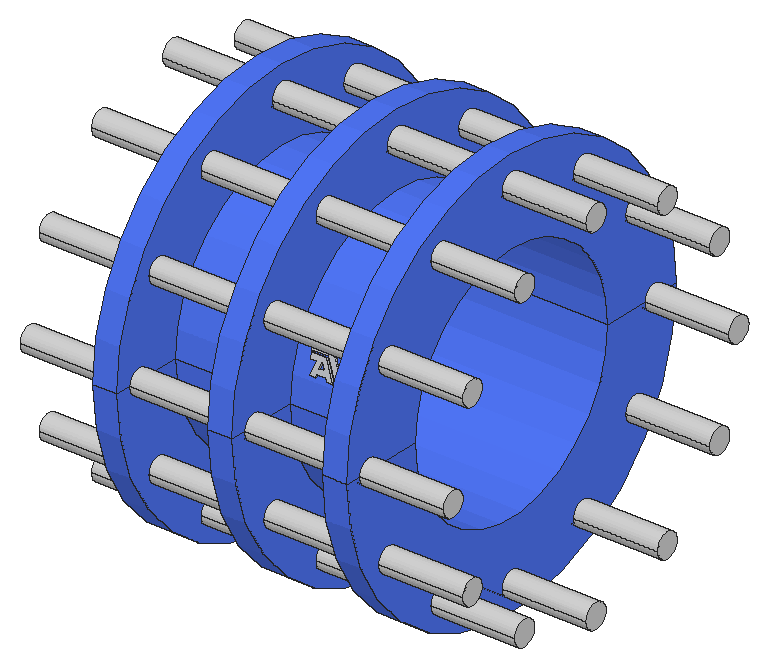
Revit family "873-00-001-DN200-300", category Pipe Accessories, Revit 2019
Family settings
  Round Connector Dimension = Use Diameter
  Part Type = Valve - Breaks Into
  Work Plane-Based = No
  Always vertical = Yes
  Cut with Voids When Loaded = No
  Shared = No
Parameters (values of type "DN200_PN16")
  d2 = size_lookup(Search_table, "d2", 0 mm, DN) / 2  # 170 mm
  d1 = size_lookup(Search_table, "d1", 0 mm, DN)  # 295 mm
  URL product pages = "https://www.avkvalves.com/P.aspx?no=873004000141000"
  T = size_lookup(Search_table, "T", 0 mm, DN)  # 20 mm
  L = size_lookup(Search_table, "L", 0 mm, DN)  # 350 mm
  Id(Radius) = DN / 2  # 100 mm
  Flange_thickness = 20 mm  # constant formula
  Description_ = "AVK DISMANTLING JOINT"
  DN = 200 mm
  Search_table = "873-00-001-DN200-300"
  Body_Wallthicknss = 10 mm  # constant formula
  A = size_lookup(Search_table, "A", 0 mm, DN)  # 210 mm
  873-0300-00-141000 = "DN300_PN10"
  873-0300-00-041000 = "DN300_PN10"
  873-0250-00-141000 = "DN250_PN16"
  873-0250-00-041000 = "DN250_PN10"
  873-0200-00-141000 = "DN200_PN16"
Types (6, lengths in mm): name | d2 | d1 | T | L | Id(Radius) | DN | A | 873-0300-00-141000
  (no name) | 170 | 295 | 20 | 350 | 100 | 200 | 210 | "DN300_PN10"
  DN200_PN16 | 170 | 295 | 20 | 350 | 100 | 200 | 210 | "DN300_PN10"
  DN250_PN10 | 200 | 350 | 20 | 370 | 125 | 250 | 225 | "DN300_PN10"
  DN250_PN16 | 200 | 355 | 24 | 380 | 125.05 | 250.1 | 225 | "DN300_PN10"
  DN300_PN10 | 227.5 | 400 | 20 | 390 | 150 | 300 | 240 | "DN300_PN16"
  DN300_PN16 | 227.5 | 410 | 24 | 400 | 150.05 | 300.1 | 240 | "DN300_PN16"
Reference planes
  plane 1 "Center (Front/Back)": y = 0
  plane 2: z = 0
  plane 3 "Center (Left/Right)": x = 0
  plane 4: y = 32.5
  plane 5: y = -30
  plane 6: z = 147.5
  plane 7: z = -147.5
  plane 8: y = 147.5
  plane 9: y = -147.5
  plane 10: x = -175
  plane 11: x = 175
  plane 12: through (0, 0, 0) normal (0, 0.5, 0.866)
  plane 13: through (0, 0, 0) normal (0, 0.866, 0.5)
  plane 14: through (0, 0, 0) normal (0, 0.866, -0.5)
  plane 15: through (0, 0, 0) normal (0, 0.5, -0.866)
  plane 16: x = -105
  plane 17: x = 105
  plane 18: z = 170
  plane 19: z = -170
Forms (mm)
  Revolve 1, solid, material "Plastic"
    sketch origin (0, 0, 0) x (1, 0, 0) y (0, 1, 0)
      loop
        line (-85, 170) -> (-105, 170) -> (-105, 100) -> (105, 100) -> (105, 170) -> (85, 170) -> (85, 110) -> (10, 110) -> (10, 170) -> (-10, 170) -> (-10, 110) -> (-85, 110) -> (-85, 170)
      axis (-105, 0) -> (105, 0)
    angle from 0 to 360
  Extrusion 2, solid, material "Stainless Steel AISI 304"
    sketch origin (0, 0, 0) x (0, 1, 0) y (0, 0, 1)
      loop
        circle (73.75, 127.739) r 10
      loop
        circle (0, 147.5) r 10
      loop
        circle (-73.75, 127.739) r 10
      loop
        circle (-127.739, 73.75) r 10
      loop
        circle (-147.5, 0) r 10
      loop
        circle (-127.739, -73.75) r 10
      loop
        circle (-73.75, -127.739) r 10
      loop
        circle (0, -147.5) r 10
      loop
        circle (73.75, -127.739) r 10
      loop
        circle (127.739, -73.75) r 10
      loop
        circle (147.5, 0) r 10
      loop
        circle (127.739, 73.75) r 10
    from -175 to 175
Dimensions and locks
  "Flange_thickness": Revolve 1 sketch curve to Revolve 1 sketch curve  (x3)
  equal spacing: Revolve 1 sketch curve, plane 3 "Center (Left/Right)", Revolve 1 sketch curve  (x2)
  "A": Revolve 1 sketch curve to Revolve 1 sketch curve
  "Id(Radius)": plane 1 "Center (Front/Back)" to Revolve 1 sketch curve
  "Body_Wallthicknss": Revolve 1 sketch curve to Revolve 1 sketch curve
  "d2": plane 1 "Center (Front/Back)" to Revolve 1 sketch curve
  equal spacing: plane 6, level, plane 7
  equal spacing: plane 8, plane 1 "Center (Front/Back)", plane 9
  "d1": plane 8 to plane 9
  "d1": plane 6 to plane 7
  equal spacing: plane 11, plane 3 "Center (Left/Right)", plane 10
  "L": plane 11 to plane 10
  equal spacing: Extrusion 2 sketch curve, plane 12, Extrusion 2 sketch curve
  equal spacing: Extrusion 2 sketch curve, plane 13, Extrusion 2 sketch curve
  "d1": Extrusion 2 sketch curve to Extrusion 2 sketch curve  (x6)
  equal spacing: Extrusion 2 sketch curve, level, Extrusion 2 sketch curve
  equal spacing: Extrusion 2 sketch curve, plane 1 "Center (Front/Back)", Extrusion 2 sketch curve
  equal spacing: Extrusion 2 sketch curve, plane 14, Extrusion 2 sketch curve
  equal spacing: Extrusion 2 sketch curve, plane 15, Extrusion 2 sketch curve
  plane 6 to plane 7 = 295 mm
  equal spacing: plane 17, plane 3 "Center (Left/Right)", plane 16
  "A": plane 17 to plane 16
  equal spacing: plane 18, level, plane 19
  "d2": level to plane 19
  plane 18 to plane 19 = 340 mm
  "T": diameter of Extrusion 2 sketch curve  (x12)
  locked: plane 13 to plane 1 "Center (Front/Back)" (angle 30.00°)
  locked: plane 12 to plane 13 (angle 30.00°)
  locked: level to plane 12 (angle 30.00°)
  locked: plane 1 "Center (Front/Back)" to plane 14 (angle 30.00°)
  locked: plane 14 to plane 15 (angle 30.00°)
  locked: plane 15 to level (angle 30.00°)
  aligned and locked: level to plane 2
  aligned and locked: Revolve 1 sketch curve to Revolve 1 sketch curve  (x3)
  aligned and locked: plane 1 "Center (Front/Back)" to Revolve 1 sketch curve
  aligned and locked: Extrusion 2 to plane 10
  aligned and locked: Extrusion 2 to plane 11
  aligned and locked: plane 16 to Revolve 1
  aligned and locked: plane 17 to Revolve 1
Automatic sketch dimensions
  Revolve 1 sketch curve to plane 3 "Center (Left/Right)" = 37.5 mm
  plane 3 "Center (Left/Right)" to Revolve 1 sketch curve = 37.5 mm
  Extrusion 2 sketch curve to plane 12 = 0 mm  (x2)
  plane 15 to Extrusion 2 sketch curve = 0 mm  (x2)
  Extrusion 2 sketch curve to plane 13 = 0 mm  (x2)
  plane 14 to Extrusion 2 sketch curve = 0 mm  (x2)
  Extrusion 2 sketch curve to plane 1 "Center (Front/Back)" = 0 mm  (x2)
  Extrusion 2 sketch curve to level = 0 mm  (x2)
Nested families
  nested 1: "LOGO - Copy - Copy" at (48.942, -109.055, 14.39) x (1, 0, 0) z (0, -0.9914, 0.1308), type "LOGO - Copy - Copy"
Connectors
  piping at (105, 0, 0), diameter 200, driven by "DN"
    settings: on Revolve 1, index 1, connector inside diameter 609.6 mm, connector length 0 mm, flow factor 0, pipe flow 0.0 L/s, pressure drop 0.0 Pa, fitting loss kfactor 0, connector angle 0.00°, fixture units 0, engagement length 0 mm, angle of deflection 0.00°, flow configuration 0, flow direction 0, fitting loss method 0, system type 7, joint type 0, gender type 0, connector reference index -1, connector utility 0, adjustable connector no, is connector primary yes, connector description ""
  piping at (-105, 0, 0), diameter 200, driven by "DN"
    settings: on Revolve 1, index 2, connector inside diameter 609.6 mm, connector length 0 mm, flow factor 0, pipe flow 0.0 L/s, pressure drop 0.0 Pa, fitting loss kfactor 0, connector angle 0.00°, fixture units 0, engagement length 0 mm, angle of deflection 0.00°, flow configuration 0, flow direction 0, fitting loss method 0, system type 7, joint type 0, gender type 0, connector reference index -1, connector utility 0, adjustable connector no, is connector primary no, connector description ""
Definition of nested family "LOGO - Copy - Copy"
  Parameters (values of type "LOGO - Copy - Copy")
    Default Elevation = 1219.2 mm
  Reference planes
    plane 1 "Center (Front/Back)": y = 0
    plane 2: z = 0
    plane 3 "Center (Left/Right)": x = 0
  Forms (mm)
    Extrusion 1, solid
      sketch origin (0, 0, 0) x (1, 0, 0) y (0, 1, 0)
        loop
          line (-1219.2, 1219.2) -> (-1219.2, -1219.2) -> (1219.2, -1219.2) -> (1219.2, 1219.2) -> (-1219.2, 1219.2)
      from 0 to -304.8
    Extrusion 2, solid
      sketch origin (0, 0, 0) x (1, 0, 0) y (0, 1, 0)
        loop
          line (-6.514, 34.224) -> (-24, 34.224) -> (-24, 29.481) -> (-9.766, 29.481) -> (-2.391, 11.367) -> (2.391, 11.367) -> (9.766, 29.481) -> (24, 29.481) -> (24, 34.224) -> (6.514, 34.224) -> (0, 18.224) -> (-6.514, 34.224)
        loop
          line (-10.996, 27.653) -> (-24, 27.653) -> (-24, 23.081) -> (-19.503, 23.081) -> (-24, 11.367) -> (-18.92, 11.367) -> (-17.955, 13.881) -> (-10.51, 13.881) -> (-9.486, 11.367) -> (-4.365, 11.367) -> (-10.996, 27.653)
        loop
          line (-16.777, 18.224) -> (-12.278, 18.224) -> (-14.594, 23.912) -> (-16.777, 18.224)
        loop
          line (4.365, 11.367) -> (9.486, 11.367) -> (12.093, 17.77) -> (16.918, 11.367) -> (22.857, 11.367) -> (17.399, 18.61)
          arc (17.399, 18.61) -> (20.583, 20.18) -> (22.629, 23.081) r 7.2
          line (22.629, 23.081) -> (24, 23.081) -> (24, 27.653) -> (19.429, 27.653)
          arc (19.429, 27.653) -> (17.763, 23.526) -> (13.699, 21.714) r 5.943
          line (13.699, 21.714) -> (16.117, 27.653) -> (10.996, 27.653) -> (4.365, 11.367)
      from 0 to 1
  Dimensions and locks
    aligned and locked: plane 2 to Extrusion 1
    aligned and locked: level to Extrusion 1
    aligned and locked: Extrusion 2 sketch curve to import instance
